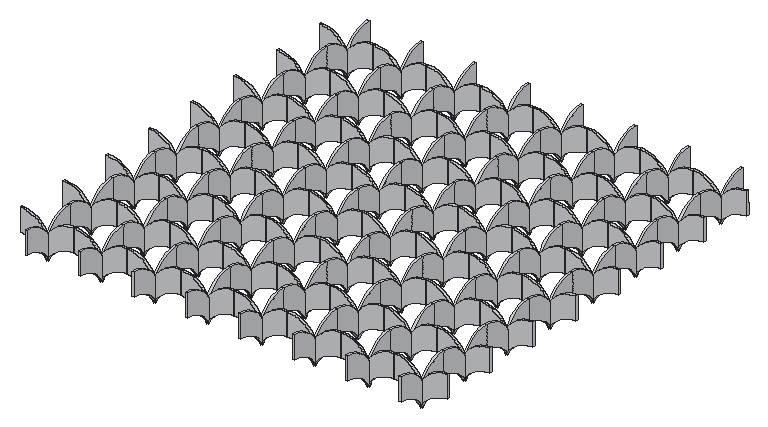
Revit family "J2 PET Felt Vault Cloud Grid", category Specialty Equipment, Revit 2021
Family settings
  Round Connector Dimension = Use Diameter
  Part Type = Normal
  Work Plane-Based = No
  Always vertical = Yes
  Cut with Voids When Loaded = No
  Shared = No
  Room Calculation Point = No
Parameters (values of type "Vault Cloud Grid 8'x8'")
  Nominal Width "Y" (1' increments only, 2'-8') = ([Baffles in "Y" direction] * 1' 0")  # 8' - 0"
  URL = "https://www.j2systems.net/"
  Symbol Name = "CSCGVA"
  Style Number = "CSCGVA"
  Release Date = "2019"
  Product Line = "Ceiling System"
  Felt Color Y = none
  End Spacing "Y" = ([Nominal Width "Y" (1' increments only, 2'-8')] / [Baffles in "Y" direction] / 2)  # 0' - 6"
  End Spacing "X" = ([Nominal Length "X" (1' increments only, 2'-8')] / [Baffles in "X" direction] / 2)  # 0' - 6"
  Baffles in "Y" direction = 8
  Baffles in "X" direction = 8
  Model = "Vault Cloud Grid"
  Manufacturer = "J2 Systems"  # constant formula
  Nominal Length "X" (1' increments only, 2'-8') = ([Baffles in "X" direction] * 1' 0")  # 8' - 0"
  Felt Color X = none
  Default Elevation = 0' - 0"
  Baffle Spacing "Y" direction [instance] = 1' - 0"
  Baffle Spacing "X" direction [instance] = 1' - 0"
  Overall Height [instance] = 0' - 8 3/4"
Types (4): name | Nominal Width "Y" (1' increments only, 2'-8') | Baffles in "Y" direction | Baffles in "X" direction | Nominal Length "X" (1' increments only, 2'-8') | Overall Height
  Vault Cloud Grid 8'x8' | 8' - 0" | 8 | 8 | 8' - 0" | 0' - 8 3/4"
  Vault Cloud Grid 4'x4' | 4' - 0" | 4 | 4 | 4' - 0" | 0' - 11"
  Vault Cloud Grid 6'x6' | 6' - 0" | 6 | 6 | 6' - 0" | 0' - 11"
  Vault Cloud Grid 4'x8' | 4' - 0" | 4 | 8 | 8' - 0" | 0' - 11"
Reference planes (in)
  plane 1 "Center (Front/Back)": y = 0
  plane 2: z = 0
  plane 3 "Center (Left/Right)": x = 0
  plane 4: y = 48
  plane 5: y = -48
  plane 6: x = -48
  plane 7: x = 48
  plane 8 "Top Edge": z = 8.75
  plane 9: y = 42
  plane 10: y = -42
  plane 11: x = -42
  plane 12: x = 42
Dimensions and locks (in)
  equal spacing: plane 4, plane 1 "Center (Front/Back)", plane 5
  equal spacing: plane 6, plane 3 "Center (Left/Right)", plane 7
  "Nominal Length "X" (1' increments only, 2'-8')": plane 4 to plane 5
  "Nominal Width "Y" (1' increments only, 2'-8')": plane 6 to plane 7
  "End Spacing "X"": plane 4 to plane 9
  "End Spacing "X"": plane 10 to plane 5
  "End Spacing "Y"": plane 6 to plane 11
  "End Spacing "Y"": plane 12 to plane 7
  locked: plane 8 "Top Edge" to level at 8.75
  equal spacing: group 1, group 3, group 4, group 9, group 10, group 11, group 12, group 2  (x3)
  equal spacing: group 5, group 7, group 8, group 13, group 14, group 15, group 16, group 6  (x3)
  aligned and locked: plane 2 to level
  aligned and locked: nested 2 to plane 9
  aligned and locked: nested 5 to plane 11
  aligned and locked: nested 6 to plane 12
  aligned and locked: nested 1 to plane 10
Nested families (in)
  nested 1: "J2 PET Felt Vault Baffle X" at (0, -42, 0), type "Vault Baffle 8'"
  nested 2: "J2 PET Felt Vault Baffle X" at (0, 42, 0), type "Vault Baffle 8'"
  nested 3: "J2 PET Felt Vault Baffle X" at (0, -30, 0), type "Vault Baffle 8'"
  nested 4: "J2 PET Felt Vault Baffle X" at (0, -18, 0), type "Vault Baffle 8'"
  nested 5: "J2 PET Felt Vault Baffle Y" at (-42, 0, 0) x (0, -1, 0) z (0, 0, 1), type "Vault Baffle 8'"
  nested 6: "J2 PET Felt Vault Baffle Y" at (42, 0, 0) x (0, -1, 0) z (0, 0, 1), type "Vault Baffle 8'"
  nested 7: "J2 PET Felt Vault Baffle Y" at (-30, 0, 0) x (0, -1, 0) z (0, 0, 1), type "Vault Baffle 8'"
  nested 8: "J2 PET Felt Vault Baffle Y" at (-18, 0, 0) x (0, -1, 0) z (0, 0, 1), type "Vault Baffle 8'"
  nested 9: "J2 PET Felt Vault Baffle X" at (0, -6, 0), type "Vault Baffle 8'"
  nested 10: "J2 PET Felt Vault Baffle X" at (0, 6, 0), type "Vault Baffle 8'"
  nested 11: "J2 PET Felt Vault Baffle X" at (0, 18, 0), type "Vault Baffle 8'"
  nested 12: "J2 PET Felt Vault Baffle X" at (0, 30, 0), type "Vault Baffle 8'"
  nested 13: "J2 PET Felt Vault Baffle Y" at (-6, 0, 0) x (0, -1, 0) z (0, 0, 1), type "Vault Baffle 8'"
  nested 14: "J2 PET Felt Vault Baffle Y" at (6, 0, 0) x (0, -1, 0) z (0, 0, 1), type "Vault Baffle 8'"
  nested 15: "J2 PET Felt Vault Baffle Y" at (18, 0, 0) x (0, -1, 0) z (0, 0, 1), type "Vault Baffle 8'"
  nested 16: "J2 PET Felt Vault Baffle Y" at (30, 0, 0) x (0, -1, 0) z (0, 0, 1), type "Vault Baffle 8'"
Definition of nested family "J2 PET Felt Vault Baffle X"
  Parameters (values of type "Vault Baffle 8'")
    URL = "https://www.j2systems.net/"
    Symbol Name = "CSBFRE"
    Style Number = "CSBFRE"
    Release Date = "2019"
    Product Line = "Ceiling System"
    Model = "Rectangular Baffle Single"
    Manufacturer = "J2 Systems"  # constant formula
    Length, in whole feet (Min. 2, Max. 8) = 8
    Nominal Baffle Length (Max. 8') = ([Length, in whole feet (Min. 2, Max. 8)] * 1' 0")  # 8' - 0"
    Felt Color = none
    Default Elevation = 0' - 0"
    Default Baffle Height [instance] = 0' - 8 3/4"
  Reference planes (in)
    plane 1 "Center (Front/Back)": y = 0
    plane 2: z = 0
    plane 3 "Center (Left/Right)": x = 0
    plane 4: x = -48
    plane 5: x = 48
    plane 6: z = 8.75
  Dimensions and locks (in)
    equal spacing: plane 4, plane 3 "Center (Left/Right)", plane 5
    "Nominal Baffle Length (Max. 8')": plane 4 to plane 5
    "Default Baffle Height": plane 6 to level
    equal spacing: group 1, group 3, group 4, group 5, group 6, group 7, group 8, group 2  (x3)
    aligned and locked: plane 2 to level
    aligned and locked: plane 1 "Center (Front/Back)" to nested 1
    aligned and locked: nested 1 to plane 4
    aligned and locked: plane 5 to nested 2
  Nested families (in)
    nested 1: "Vault Module 12in" at (-42, 0, 0), type "Valut Module 12""
    nested 2: "Vault Module 12in" at (42, 0, 0), type "Valut Module 12""
    nested 3: "Vault Module 12in" at (-30, 0, 0), type "Valut Module 12""
    nested 4: "Vault Module 12in" at (-18, 0, 0), type "Valut Module 12""
    nested 5: "Vault Module 12in" at (-6, 0, 0), type "Valut Module 12""
    nested 6: "Vault Module 12in" at (6, 0, 0), type "Valut Module 12""
    nested 7: "Vault Module 12in" at (18, 0, 0), type "Valut Module 12""
    nested 8: "Vault Module 12in" at (30, 0, 0), type "Valut Module 12""
  Definition of nested family "Vault Module 12in"
    Parameters (values of type "Valut Module 12"")
      URL = "https://www.j2systems.net/"
      Symbol Name = ""
      Style Number = ""
      Release Date = ""
      Product Line = "Ceiling System"
      Model = "Vault Module 12\""
      Manufacturer = "J2 Systems"  # constant formula
      Felt Color = none
      Default Elevation = 0' - 0"
      Overall Height [instance] = 0' - 8 3/4"
    Reference planes (in)
      plane 1 "Center (Front/Back)": y = 0
      plane 2: z = 0
      plane 3 "Center (Left/Right)": x = 0
      plane 4: y = 0.25
      plane 5: y = -0.25
      plane 6: x = -6
      plane 7: x = 6
      plane 8: z = 8.75
    Forms (in)
      Extrusion 1, solid, material <- "Felt Color"
        sketch origin (0, 0, 0) x (1, 0, 0) y (0, 0, 1)
          loop
            arc (-6, 3.75) -> (-2.46226, 2.73539) -> (0, 0) r 6.675
            arc (0, 0) -> (2.46226, 2.73539) -> (6, 3.75) r 6.675
            line (6, 3.75) -> (6, 8.75)
            arc (6, 8.75) -> (2.46226, 7.73539) -> (0, 5) r 6.675
            arc (0, 5) -> (-2.46226, 7.73539) -> (-6, 8.75) r 6.675
            line (-6, 8.75) -> (-6, 3.75)
        from -0.25 to 0.25
    Dimensions and locks (in)
      equal spacing: plane 6, plane 3 "Center (Left/Right)", plane 7
      locked: plane 6 to plane 7 at 12
      "Overall Height": plane 8 to level
      equal spacing: plane 7, plane 3 "Center (Left/Right)", plane 6
      plane 7 to plane 6 = 1' - 0"
      aligned and locked: plane 2 to level
      aligned and locked: plane 8 to Extrusion 1 sketch curve  (x2)
    Automatic sketch dimensions
      Extrusion 1 sketch curve to plane 6 = 0' - 0"
      Extrusion 1 sketch curve to level = 0' - 0"
      Extrusion 1 sketch curve to plane 3 "Center (Left/Right)" = 0' - 0"  (x2)
      Extrusion 1 sketch curve to plane 7 = 0' - 0"
      Extrusion 1 sketch curve to level = 0' - 2.925"  (x2)
      Extrusion 1 sketch curve to Extrusion 1 sketch curve = 0' - 1.675"
Definition of nested family "J2 PET Felt Vault Baffle Y"
  Parameters (values of type "Vault Baffle 8'")
    URL = "https://www.j2systems.net/"
    Symbol Name = "CSBFRE"
    Style Number = "CSBFRE"
    Release Date = "2019"
    Product Line = "Ceiling System"
    Model = "Rectangular Baffle Single"
    Manufacturer = "J2 Systems"  # constant formula
    Length, in whole feet (Min. 2, Max. 8) = 8
    Nominal Baffle Length (Max. 8') = ([Length, in whole feet (Min. 2, Max. 8)] * 1' 0")  # 8' - 0"
    Felt Color = none
    Default Elevation = 0' - 0"
    Default Baffle Height [instance] = 0' - 8 3/4"
  Reference planes (in)
    plane 1 "Center (Front/Back)": y = 0
    plane 2: z = 0
    plane 3 "Center (Left/Right)": x = 0
    plane 4: x = -48
    plane 5: x = 48
    plane 6: z = 8.75
  Dimensions and locks (in)
    equal spacing: plane 4, plane 3 "Center (Left/Right)", plane 5
    "Nominal Baffle Length (Max. 8')": plane 4 to plane 5
    "Default Baffle Height": plane 6 to level
    equal spacing: group 1, group 3, group 4, group 5, group 6, group 7, group 8, group 2  (x3)
    aligned and locked: plane 2 to level
    aligned and locked: plane 1 "Center (Front/Back)" to nested 1
    aligned and locked: nested 1 to plane 4
    aligned and locked: plane 5 to nested 2
  Nested families (in)
    nested 1: "Vault Module 12in" at (-42, 0, 0), type "Valut Module 12""
    nested 2: "Vault Module 12in" at (42, 0, 0), type "Valut Module 12""
    nested 3: "Vault Module 12in" at (-30, 0, 0), type "Valut Module 12""
    nested 4: "Vault Module 12in" at (-18, 0, 0), type "Valut Module 12""
    nested 5: "Vault Module 12in" at (-6, 0, 0), type "Valut Module 12""
    nested 6: "Vault Module 12in" at (6, 0, 0), type "Valut Module 12""
    nested 7: "Vault Module 12in" at (18, 0, 0), type "Valut Module 12""
    nested 8: "Vault Module 12in" at (30, 0, 0), type "Valut Module 12""
  Definition of nested family "Vault Module 12in"
    Parameters (values of type "Valut Module 12"")
      URL = "https://www.j2systems.net/"
      Symbol Name = ""
      Style Number = ""
      Release Date = ""
      Product Line = "Ceiling System"
      Model = "Vault Module 12\""
      Manufacturer = "J2 Systems"  # constant formula
      Felt Color = none
      Default Elevation = 0' - 0"
      Overall Height [instance] = 0' - 8 3/4"
    Reference planes (in)
      plane 1 "Center (Front/Back)": y = 0
      plane 2: z = 0
      plane 3 "Center (Left/Right)": x = 0
      plane 4: y = 0.25
      plane 5: y = -0.25
      plane 6: x = -6
      plane 7: x = 6
      plane 8: z = 8.75
    Forms (in)
      Extrusion 1, solid, material <- "Felt Color"
        sketch origin (0, 0, 0) x (1, 0, 0) y (0, 0, 1)
          loop
            arc (-6, 3.75) -> (-2.46226, 2.73539) -> (0, 0) r 6.675
            arc (0, 0) -> (2.46226, 2.73539) -> (6, 3.75) r 6.675
            line (6, 3.75) -> (6, 8.75)
            arc (6, 8.75) -> (2.46226, 7.73539) -> (0, 5) r 6.675
            arc (0, 5) -> (-2.46226, 7.73539) -> (-6, 8.75) r 6.675
            line (-6, 8.75) -> (-6, 3.75)
        from -0.25 to 0.25
    Dimensions and locks (in)
      equal spacing: plane 6, plane 3 "Center (Left/Right)", plane 7
      locked: plane 6 to plane 7 at 12
      "Overall Height": plane 8 to level
      equal spacing: plane 7, plane 3 "Center (Left/Right)", plane 6
      plane 7 to plane 6 = 1' - 0"
      aligned and locked: plane 2 to level
      aligned and locked: plane 8 to Extrusion 1 sketch curve  (x2)
    Automatic sketch dimensions
      Extrusion 1 sketch curve to plane 6 = 0' - 0"
      Extrusion 1 sketch curve to level = 0' - 0"
      Extrusion 1 sketch curve to plane 3 "Center (Left/Right)" = 0' - 0"  (x2)
      Extrusion 1 sketch curve to plane 7 = 0' - 0"
      Extrusion 1 sketch curve to level = 0' - 2.925"  (x2)
      Extrusion 1 sketch curve to Extrusion 1 sketch curve = 0' - 1.675"
